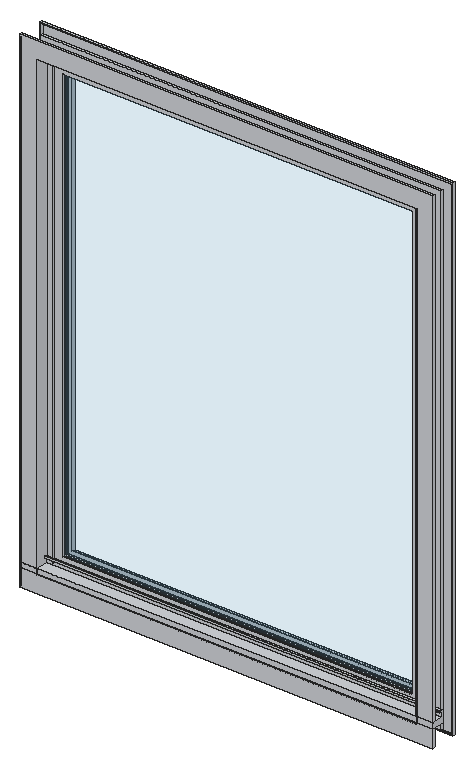
Revit family "MT-ThermAFrame CP FRAMING CA DBL GLZ", category Windows, host Wall, Revit 2017
Family settings
  Host = Wall
  OmniClass Number = 23.30.20.00
  OmniClass Title = Windows
  Always vertical = Yes
  Cut with Voids When Loaded = No
  Shared = No
  Room Calculation Point = No
Parameters (values of type "101.6mm CP FRAMING")
  YEAR = "2019"  # constant formula
  Width = 1500 mm
  WARNING = if(or((PANEL HEIGHT > MAX PANEL HEIGHT), (PANEL WIDTH > MAX PANEL WIDTH)), 1 = 1, 0 = 1)  # no
  VERSION = "2.1"  # constant formula
  URL = "WWW.ALSPEC.COM.AU"
  101.6mm CP FRAMING = yes
  TOLERANCE = 50 mm  # constant formula
  SINGLE GLAZED THICKNESS = 5 mm
  Rough Width = if(Width > MAX WIDTH, (MAX WIDTH + (TOLERANCE * 2)), (Width + (TOLERANCE * 2)))  # 1600 mm
  Rough Height = if(Height > (MAX HEIGHT), (MAX HEIGHT + TOLERANCE * 2), (Height + TOLERANCE * 2))  # 1900 mm
  PANEL WIDTH = OVERALL FRAME WIDTH - 50 mm * 2  # 1400 mm
  PANEL HEIGHT = OVERALL FRAME HEIGHT - 50 mm * 2  # 1700 mm
  OVERALL FRAME WIDTH = if(Width > MAX WIDTH, MAX WIDTH, Width)  # 1500 mm
  OVERALL FRAME HEIGHT = if(Height > MAX HEIGHT, MAX HEIGHT, Height)  # 1800 mm
  OFFSET = 10 mm
  Model = "HAWKESBURY TOP HUNG COMMERCIAL SLIDING DOOR "  # constant formula
  Manufacturer = "ALSPEC"
  MAX WIDTH = 1500 mm  # constant formula
  MAX PANEL WIDTH = 1500 mm  # constant formula
  MAX PANEL HEIGHT = 2000 mm  # constant formula
  MAX HEIGHT = 2000 mm  # constant formula
  Height = 1800 mm
  GLAZED MATERIAL = Glass
  FRAME THICKNESS = 101.6 mm
  FRAME MATERIAL = none
  Default Sill Height = 900 mm
  Wall Closure = By host
  DOUBLE GLAZED THICKNESS = 25 mm
  CREATOR = "SCOTT ISOUARD"  # constant formula
  COMPANY = "ARCHVIS"  # constant formula
  BOT PANEL POSITION = 50 mm  # constant formula
  150mm CP FRAMING = not([101.6mm CP FRAMING])  # no
  ANZRC COMPLIANT = "YES"  # constant formula
  AIR POCKET = 13 mm
Types (2, lengths in mm): name | 101.6mm CP FRAMING | 150mm CP FRAMING
  ASW100 MITRED ADAPTOR | no | yes
  101.6mm CP FRAMING | yes | no
Reference planes
  plane 1 "Center (Front/Back)": y = 0
  plane 2 "Center (Left/Right)": x = 0
  plane 3 "Left": x = -800
  plane 4 "Right": x = 800
  plane 5 "Sill": z = 900
  plane 6 "Head": z = 2800
  plane 7 "Exterior": y = 100
  plane 8 "Interior": y = -100
  plane 9: x = -750
  plane 10: x = 750
  plane 11: y = 90
  plane 12: z = 950
  plane 13: z = 1000
  plane 14: y = -11.6
  plane 15 "FRAME CENTRE": y = 42
  plane 16: y = 63.3
  plane 17: x = -700
  plane 18: x = -705
  plane 19: x = 700
  plane 20: x = 705
  plane 21: z = 2750
  plane 22: x = -659.5
  plane 23: x = 659.5
  plane 24: z = 1875
Forms (mm)
  Sweep 1, solid, material <- "FRAME MATERIAL", visible <- "101.6mm CP FRAMING"
    path origin (-2077.482, 63.3, 1000) x (-1, 0, 0) y (0, 0, 1)
      loop
        line (-2827.482, 1750) -> (-2827.482, -50) -> (-1327.482, -50) -> (-1327.482, 1750) -> (-2827.482, 1750)
    profile "TW_101.6mm FRAME : 101.6mm FRAME" origin (0, 63.3, 2750) x (0, 0, 1) y (0, 1, 0)
      loop
        line (0, -80.93) -> (0, -72.182) -> (-3, -72.182) -> (-3, -79.13) -> (-58.2, -79.13) -> (-58.2, -55.03) -> (-23, -55.03) -> (-23, -47.13) -> (-58.1, -47.13) -> (-58.1, -31.239) -> (-45.602, -31.239) -> (-45.602, -13.13) -> (-23, -13.13) -> (-23, -5.23) -> (-58.2, -5.23) -> (-58.2, 18.87) -> (-3, 18.87) -> (-3, 11.922) -> (0, 11.922) -> (0, 20.67) -> (-60, 20.67) -> (-60, -31.93) -> (-64.9, -31.93) -> (-64.9, -29.93) -> (-66.1, -29.93) -> (-66.1, -31.93) -> (-82.5, -31.93) -> (-82.5, -34.43) -> (-60, -34.43) -> (-60, -80.93) -> (0, -80.93)
  Sweep 2, solid, material <- "FRAME MATERIAL", visible <- "101.6mm CP FRAMING"
    path origin (-2077.482, 63.3, 1000) x (-1, 0, 0) y (0, 0, 1)
      loop
        line (-1327.482, -50) -> (-2827.482, -50)
    profile "ASW43 : PT24" origin (0, 63.3, 950) x (0, 0, -1) y (0, 1, 0)
      loop
        line (-63, -80.93) -> (-63, -34.43) -> (-103.4, -34.43) -> (-103.4, -46.43) -> (-107.65, -46.43)
        arc (-107.65, -46.43) -> (-108.4, -47.18) -> (-107.65, -47.93) r 0.75
        line (-107.65, -47.93) -> (-101.9, -47.93) -> (-101.9, -35.93) -> (-81.5, -35.93) -> (-81.5, -80.93) -> (-63, -80.93)
  Sweep 3, solid, material <- "FRAME MATERIAL", visible <- "150mm CP FRAMING"
    path origin (-2077.482, 63.3, 1000) x (-1, 0, 0) y (0, 0, 1)
      loop
        line (-2827.482, 1750) -> (-2827.482, -50) -> (-1327.482, -50) -> (-1327.482, 1750) -> (-2827.482, 1750)
    profile "TW_150mm FRAME : 150mm FRAME" origin (0, 63.3, 2750) x (0, 0, 1) y (0, 1, 0)
      loop
        line (0, -129.328) -> (0, -120.58) -> (-3, -120.58) -> (-3, -127.528) -> (-58.2, -127.528) -> (-58.2, -108.179) -> (-52.65, -108.179) -> (-52.65, -100.479) -> (-58.2, -100.479) -> (-58.2, -79.229) -> (-23, -79.229) -> (-23, -71.329) -> (-60.503, -71.329) -> (-60.503, -37.329) -> (-23, -37.329) -> (-23, -29.429) -> (-58.2, -29.429) -> (-58.2, -8.179) -> (-52.65, -8.179) -> (-52.65, -0.479) -> (-58.2, -0.479) -> (-58.2, 18.87) -> (-3, 18.87) -> (-3, 11.922) -> (0, 11.922) -> (0, 20.67) -> (-60, 20.67) -> (-60, -26.829) -> (-62.303, -26.829) -> (-62.303, -31.932) -> (-82.503, -31.932) -> (-82.503, -34.432) -> (-62.303, -34.432) -> (-62.303, -81.833) -> (-60, -81.833) -> (-60, -129.328) -> (0, -129.328)
  Sweep 4, solid, material <- "FRAME MATERIAL", visible <- "150mm CP FRAMING"
    path origin (-2077.482, 63.3, 1000) x (-1, 0, 0) y (0, 0, 1)
      loop
        line (-1327.482, -50) -> (-2827.482, -50)
    profile "ASW43 : PT24" origin (0, 63.3, 950) x (0, 0, -1) y (0, 1, 0)
      loop
        line (-65.3, -80.93) -> (-65.3, -34.43) -> (-105.7, -34.43) -> (-105.7, -46.43) -> (-109.95, -46.43)
        arc (-109.95, -46.43) -> (-110.7, -47.18) -> (-109.95, -47.93) r 0.75
        line (-109.95, -47.93) -> (-104.2, -47.93) -> (-104.2, -35.93) -> (-83.8, -35.93) -> (-83.8, -80.93) -> (-65.3, -80.93)
Lines and regions (mm)
  Opening 1
    outline origin (3500, -100, 0) x (1, 0, 0) y (0, 0, 1)
      loop
        line (-2700, 900) -> (-2700, 2800) -> (-4300, 2800) -> (-4300, 900) -> (-2700, 900)
  symbolic lines
    curve 1: line (750, 90, 2750) -> (-750, 90, 1875)
    curve 2: line (-750, 90, 1875) -> (750, 90, 950)
Text (mm)
  text "EXTERIOR" at (-1963.203, 1332.353, 0), in view "Ref. Level"
  text "INTERIOR" at (-1981.466, -818.386, 0), in view "Ref. Level"
  text "Exterior" at (0, 923.751, 2943.296), in view "Right"
  text "Exterior" at (0, 1040.484, 2685.409), in view "Left"
Dimensions and locks
  equal spacing: plane 3 "Left", plane 2 "Center (Left/Right)", plane 4 "Right"
  "Rough Width": plane 3 "Left" to plane 4 "Right"
  "Rough Height": plane 5 "Sill" to plane 6 "Head"
  "Default Sill Height": plane 5 "Sill" to level
  locked: plane 7 "Exterior" to host wall at 0
  locked: plane 8 "Interior" to host wall
  "OFFSET": plane 11 to plane 7 "Exterior"
  equal spacing: plane 9, plane 2 "Center (Left/Right)", plane 10
  "OVERALL FRAME WIDTH": plane 9 to plane 10
  "BOT PANEL POSITION": plane 12 to plane 13
  "FRAME THICKNESS": plane 11 to plane 14
  locked: plane 9 to plane 18 at 45
  locked: plane 20 to plane 10 at 45
  locked: plane 18 to plane 17 at 5
  locked: plane 19 to plane 20 at 5
  locked: plane 11 to plane 16 at 26.7
  "OVERALL FRAME HEIGHT": plane 12 to plane 21
  "TOLERANCE": plane 5 "Sill" to plane 12
  locked: plane 17 to plane 22 at 40.5
  locked: plane 23 to plane 19 at 40.5
  equal spacing: plane 13, plane 24, plane 21
  aligned and locked: plane 2 "Center (Left/Right)" to nested 1
  aligned and locked: nested 2 to plane 16
  aligned and locked: plane 13 to nested 2
  aligned and locked: nested 2 to plane 2 "Center (Left/Right)"
  aligned and locked: Sweep 1 sketch curve to plane 21
  aligned and locked: Sweep 1 sketch curve to plane 10
  aligned and locked: plane 12 to Sweep 1 sketch curve
  aligned and locked: plane 9 to Sweep 1 sketch curve
  aligned and locked: nested 3 to plane 12
  aligned and locked: plane 16 to nested 3
  aligned and locked: nested 4 to plane 21
  aligned and locked: nested 4 to plane 16
  aligned and locked: plane 16 to nested 6
  aligned and locked: nested 6 to plane 9
  aligned and locked: nested 5 to plane 10
  aligned and locked: nested 5 to plane 16
  aligned and locked: plane 21 to curve 1
  aligned and locked: curve 2 to Sweep 1
  aligned and locked: plane 10 to Sweep 2 sketch curve
  aligned and locked: plane 9 to Sweep 2 sketch curve
  aligned and locked: plane 3 "Left" to nested 8
  aligned and locked: nested 7 to plane 10
  aligned and locked: plane 16 to nested 8
  aligned and locked: nested 7 to plane 16
  aligned and locked: nested 10 to plane 12
  aligned and locked: plane 16 to nested 10
  aligned and locked: nested 9 to plane 21
  aligned and locked: nested 9 to plane 16
  aligned and locked: curve 2 to Sweep 3
  aligned and locked: plane 9 to curve 2
Automatic sketch dimensions
  Opening 1 sketch curve to plane 3 "Left" = 0 mm
  Opening 1 sketch curve to plane 4 "Right" = 0 mm
  Opening 1 sketch curve to plane 5 "Sill" = 0 mm
  Opening 1 sketch curve to plane 6 "Head" = 0 mm
  Sweep 2 sketch curve to plane 12 = 0 mm
  Sweep 3 sketch curve to plane 10 = 0 mm
  Sweep 3 sketch curve to plane 9 = 0 mm
  Sweep 3 sketch curve to plane 12 = 0 mm
  Sweep 3 sketch curve to plane 21 = 0 mm
  Sweep 4 sketch curve to plane 10 = 0 mm
  Sweep 4 sketch curve to plane 9 = 0 mm
  Sweep 4 sketch curve to plane 12 = 0 mm
  curve 1 to plane 10 = 0 mm
  curve 1 to plane 24 = 0 mm
Nested families
  nested 1: "WARNING TAG" at (0, 625.475, 0), MAX.HEIGHT <- "MAX PANEL HEIGHT", MAX.WIDTH <- "MAX PANEL WIDTH", visible <- "WARNING", type "WARNING TAG"
    with MAX.WIDTH 1500 mm, MAX.HEIGHT 2000 mm
  nested 2: "TW_SLIDING_GLAZED PANEL" at (0, 63.3, 1000), Sash Material <- "FRAME MATERIAL", type "SLIDING_GLAZED PANEL"
    with BULB SEAL yes
  nested 3: "DETAIL_TW_101.6mm" at (0, 63.3, 950) x (0, -1, 0) z (-1, 0, 0), visible <- "101.6mm CP FRAMING", type "FRAME"
    with ASW43 yes
  nested 4: "DETAIL_TW_101.6mm" at (0, 63.3, 2750) x (0, -1, 0) z (-1, 0, 0), visible <- "101.6mm CP FRAMING", type "FRAME"
  nested 5: "DETAIL_TW_101.6mm" at (750, 63.3, 2750) x (0, -1, 0) z (0, 0, 1), visible <- "101.6mm CP FRAMING", type "FRAME"
  nested 6: "DETAIL_TW_101.6mm" at (-750, 63.3, 2750) x (0, -1, 0) z (0, 0, 1), visible <- "101.6mm CP FRAMING", type "FRAME"
  nested 7: "DETAIL_TW_150mm" at (750, 63.3, 2750) x (0, -1, 0) z (0, 0, 1), visible <- "150mm CP FRAMING", type "FRAME"
    with ASW43 no
  nested 8: "DETAIL_TW_150mm" at (-800, 63.3, 2750) x (0, -1, 0) z (0, 0, 1), visible <- "150mm CP FRAMING", type "FRAME"
    with ASW43 no
  nested 9: "DETAIL_TW_150mm" at (0, 63.3, 2750) x (0, -1, 0) z (-1, 0, 0), visible <- "150mm CP FRAMING", type "FRAME"
    with ASW43 no
  nested 10: "DETAIL_TW_150mm" at (0, 63.3, 950) x (0, -1, 0) z (-1, 0, 0), visible <- "150mm CP FRAMING", type "FRAME"
    with ASW43 yes
Definition of nested family "TW_SLIDING_GLAZED PANEL"
  Parameters (values of type "SLIDING_GLAZED PANEL")
    YEAR = "2018"  # constant formula
    VERSION = "2.0"  # constant formula
    TODAYS DATE = "22/11/2018"  # constant formula
    Sash Material [instance] = none
    PANEL WIDTH = 1400 mm
    PANEL HEIGHT = 1700 mm
    JAMP WIDTH = 60 mm  # constant formula
    HEAD_JAMP HEIGHT = 60 mm  # constant formula
    GLAZED WIDTH [instance] = 1304 mm
    GLAZED RAIL MATERIAL = none
    GLAZED MATERIAL = none
    Default Elevation = 1219.2 mm
    DOUBLE GLAZED THICKNESS = 25 mm
    CREATOR = "Scott Isouard"  # constant formula
    COMPANY = "Archvis"  # constant formula
    BULB SEAL [instance] = no
    BOTTOM_JAMP HEIGHT = 60 mm  # constant formula
    Analytic Construction = "<None>"
    ANZRC COMPLIANT = "Yes"  # constant formula
    AIR POCKET = 13 mm
  Reference planes
    plane 1 "Center (Front/Back)": y = 0
    plane 2: z = 0
    plane 3 "Center (Left/Right)": x = 0
    plane 4: x = -700
    plane 5: x = 700
    plane 6: x = -652
    plane 7: x = 652
    plane 8: z = 1700
    plane 9: z = 1640
    plane 10: z = 60
    plane 11: z = 850
    plane 12: x = -640
    plane 13: x = 640
    plane 14: z = 50
    plane 15: z = 1650
    plane 16: y = -27.9
  Forms (mm)
    Extrusion 1, solid, material <- "GLAZED MATERIAL"
      sketch origin (0, 0, 0) x (1, 0, 0) y (0, 1, 0)
        loop
          line (-652, -6.5) -> (-652, -12.5) -> (652, -12.5) -> (652, -6.5) -> (-652, -6.5)
        loop
          line (-652, 12.5) -> (-652, 6.5) -> (652, 6.5) -> (652, 12.5) -> (-652, 12.5)
      from 50 to 1650
    Sweep 2, solid, material <- "Sash Material"
      path origin (0, 0, 0) x (1, 0, 0) y (0, 0, 1)
        loop
          line (-700, 1700) -> (-700, 0) -> (700, 0) -> (700, 1700) -> (-700, 1700)
      profile "TW101_105 MEDIUM_DBL_LOCK STILE : TW101" origin (0, 0, 1700) x (0, 0, 1) y (0, -1, 0)
        loop
          line (-26, 17.1) -> (-23.504, 17.1) -> (-23.504, 27.9) -> (-61.997, 27.9) -> (-61.997, 22.2) -> (-60.397, 22.2) -> (-60.397, 19) -> (-42, 19) -> (-42, -15) -> (-40.8, -15) -> (-40.8, -26.7) -> (-60.2, -26.7) -> (-60.2, -18.6) -> (-50, -18.6) -> (-50, -16.8) -> (-62, -16.8) -> (-62, -28.5) -> (0, -28.5) -> (0, -24.7) -> (-13.2, -24.7) -> (-13.2, -23.7) -> (-14.4, -23.7) -> (-14.4, -26.7) -> (-26, -26.7) -> (-26, 17.1)
  Dimensions and locks
    equal spacing: plane 4, plane 3 "Center (Left/Right)", plane 5
    "PANEL WIDTH": plane 4 to plane 5
    "PANEL HEIGHT": plane 8 to plane 2
    equal spacing: plane 8, plane 11, plane 2
    "JAMP WIDTH": plane 4 to plane 12
    "JAMP WIDTH": plane 13 to plane 5
    "HEAD_JAMP HEIGHT": plane 8 to plane 9
    locked: plane 13 to plane 7 at 12
    "BOTTOM_JAMP HEIGHT": plane 10 to plane 2
    locked: plane 6 to plane 12 at 12
    locked: plane 10 to plane 14 at 10
    locked: plane 15 to plane 9 at 10
    "GLAZED WIDTH": plane 6 to plane 7
    equal spacing: Extrusion 1 sketch curve, plane 1 "Center (Front/Back)", Extrusion 1 sketch curve  (x2)
    "AIR POCKET": Extrusion 1 sketch curve to Extrusion 1 sketch curve
    "DOUBLE GLAZED THICKNESS": Extrusion 1 sketch curve to Extrusion 1 sketch curve
    aligned and locked: level to plane 2
    aligned and locked: plane 6 to Extrusion 1 sketch curve
    aligned and locked: Extrusion 1 sketch curve to plane 7
    aligned and locked: plane 15 to Extrusion 1
    aligned and locked: Extrusion 1 to plane 14
    aligned and locked: Sweep 2 sketch curve to plane 8
    aligned and locked: plane 4 to Sweep 2 sketch curve
    aligned and locked: plane 2 to Sweep 2 sketch curve
    aligned and locked: Sweep 2 sketch curve to plane 5
    aligned and locked: plane 1 "Center (Front/Back)" to nested 1
    aligned and locked: plane 8 to nested 1
    aligned and locked: plane 2 to nested 2
    aligned and locked: nested 2 to plane 1 "Center (Front/Back)"
    aligned and locked: plane 1 "Center (Front/Back)" to nested 4
    aligned and locked: nested 4 to plane 4
    aligned and locked: nested 3 to plane 1 "Center (Front/Back)"
    aligned and locked: nested 3 to plane 5
  Automatic sketch dimensions
    Extrusion 1 sketch curve to plane 6 = 0 mm
    Extrusion 1 sketch curve to plane 7 = 0 mm
  Nested families
    nested 1: "DETAIL_TW_DETAIL 01" at (0, 0, 1700) x (0, 0, -1) z (1, 0, 0), type "DETAIL 01"
      with BULB SEAL yes
    nested 2: "DETAIL_TW_DETAIL 01" at (0, 0, 0) x (0, 0, 1) z (1, 0, 0), type "DETAIL 01"
      with BULB SEAL yes
    nested 3: "DETAIL_TW_DETAIL 01" at (700, 0, 0) x (-1, 0, 0) z (0, 0, 1), type "DETAIL 01"
    nested 4: "DETAIL_TW_DETAIL 01" at (-700, 0, 0), type "DETAIL 01"
  Definition of nested family "DETAIL_TW_DETAIL 01"
    Parameters (values of type "DETAIL 01")
      BULB SEAL [instance] = no
    Reference planes
      plane 1 "Center (Front/Back)": y = 0
      plane 2: z = 0
      plane 3 "Center (Left/Right)": x = 0
    Lines and regions (mm)
      Masking region 1, in view "Ref. Level", detail levels coarse
        outline origin (0, -9.5, 0) x (1, 0, 0) y (0, 1, 0)
          loop
            line (61.997, 37.4) -> (13.5, 37.4) -> (13.5, -14.2) -> (0, -14.2) -> (0, -19) -> (61.997, -19) -> (61.997, -7.3) -> (50, -7.3) -> (50, 28.5) -> (61.997, 28.5) -> (61.997, 37.4)
      Masking region 2, in view "Ref. Level", detail levels fine
        outline origin (0, 0, 0) x (1, 0, 0) y (0, 1, 0)
          loop
            line (42, 1.1) -> (42, 17.1) -> (26, 17.1) -> (26, 1.1) -> (42, 1.1)
      detail lines, in view "Ref. Level", detail levels medium
        curve 1: line (26, 17.1, 0) -> (26, -26.7, 0)
        curve 2: line (14.4, -26.7, 0) -> (26, -26.7, 0)
        curve 3: line (14.4, -23.7, 0) -> (14.4, -26.7, 0)
        curve 4: line (13.2, -23.7, 0) -> (14.4, -23.7, 0)
        curve 5: line (13.2, -24.7, 0) -> (13.2, -23.7, 0)
        curve 6: line (0, -24.7, 0) -> (13.2, -24.7, 0)
        curve 7: line (0, -24.7, 0) -> (0, -28.5, 0)
        curve 8: line (62, -28.5, 0) -> (0, -28.5, 0)
        curve 9: line (62, -16.8, 0) -> (62, -28.5, 0)
        curve 10: line (50, -16.8, 0) -> (62, -16.8, 0)
        curve 11: line (50, -18.6, 0) -> (50, -16.8, 0)
        curve 12: line (60.2, -18.6, 0) -> (50, -18.6, 0)
        curve 13: line (60.2, -26.7, 0) -> (60.2, -18.6, 0)
        curve 14: line (40.8, -26.7, 0) -> (60.2, -26.7, 0)
        curve 15: line (40.8, -15, 0) -> (40.8, -26.7, 0)
        curve 16: line (42, 19, 0) -> (42, -15, 0)
        curve 17: line (40.8, -15, 0) -> (42, -15, 0)
        curve 18: line (23.504, 27.9, 0) -> (61.997, 27.9, 0)
        curve 19: line (23.504, 17.1, 0) -> (23.504, 27.9, 0)
        curve 20: line (26, 17.1, 0) -> (23.504, 17.1, 0)
        curve 21: line (61.997, 27.9, 0) -> (61.997, 22.2, 0)
        curve 22: line (42, 19, 0) -> (60.397, 19, 0)
        curve 23: line (60.397, 19, 0) -> (60.397, 22.2, 0)
        curve 24: line (60.397, 22.2, 0) -> (61.997, 22.2, 0)
      detail lines, in view "Ref. Level", not visible, detail levels medium
        curve 25: line (26, 26.6, 0) -> (26, -17.2, 0)
        curve 26: line (14.4, -17.2, 0) -> (26, -17.2, 0)
        curve 27: line (14.4, -14.2, 0) -> (14.4, -17.2, 0)
        curve 28: line (13.2, -14.2, 0) -> (14.4, -14.2, 0)
        curve 29: line (13.2, -15.2, 0) -> (13.2, -14.2, 0)
        curve 30: line (0, -15.2, 0) -> (13.2, -15.2, 0)
        curve 31: line (0, -15.2, 0) -> (0, -19, 0)
        curve 32: line (62, -19, 0) -> (0, -19, 0)
        curve 33: line (62, -7.3, 0) -> (62, -19, 0)
        curve 34: line (50, -7.3, 0) -> (62, -7.3, 0)
        curve 35: line (50, -9.1, 0) -> (50, -7.3, 0)
        curve 36: line (60.2, -9.1, 0) -> (50, -9.1, 0)
        curve 37: line (60.2, -17.2, 0) -> (60.2, -9.1, 0)
        curve 38: line (40.8, -17.2, 0) -> (60.2, -17.2, 0)
        curve 39: line (40.8, -5.5, 0) -> (40.8, -17.2, 0)
        curve 40: line (42, 28.5, 0) -> (42, -5.5, 0)
        curve 41: line (40.8, -5.5, 0) -> (42, -5.5, 0)
        curve 42: line (23.504, 37.4, 0) -> (61.997, 37.4, 0)
        curve 43: line (23.504, 26.6, 0) -> (23.504, 37.4, 0)
        curve 44: line (26, 26.6, 0) -> (23.504, 26.6, 0)
        curve 45: line (61.997, 37.4, 0) -> (61.997, 31.7, 0)
        curve 46: line (42, 28.5, 0) -> (60.397, 28.5, 0)
        curve 47: line (60.397, 28.5, 0) -> (60.397, 31.7, 0)
        curve 48: line (60.397, 31.7, 0) -> (61.997, 31.7, 0)
Definition of nested family "WARNING TAG"
  Parameters (values of type "WARNING TAG")
    MAX.WIDTH [instance] = 0 mm
    MAX.HEIGHT [instance] = 0 mm
  Reference planes
    plane 1: y = 0
    plane 2: x = 0
  Lines and regions (mm)
    detail lines
      curve 1: line (-28.489, 9.808, 0) -> (29.081, 9.808, 0)
      curve 2: line (-28.489, -1.13, 0) -> (-28.489, 9.808, 0)
      curve 3: line (29.081, -1.13, 0) -> (-28.489, -1.13, 0)
      curve 4: line (29.081, 9.808, 0) -> (29.081, -1.13, 0)
  Text (mm)
    label "Max.Width: 1200 mm" at (-3.208, 1.264, 0), shows "MAX.WIDTH"
    label "Max.Height: 1190 mm" at (3.026, 1.264, 0), shows "MAX.HEIGHT"
    text "x" at (0.137, 2.462, 0)
    text "Maximum Recommended Panel Sizes:" at (0.137, 8.414, 0)
Definition of nested family "DETAIL_TW_101.6mm"
  Parameters (values of type "FRAME")
    ASW43 [instance] = no
  Reference planes
    plane 1 "Center (Front/Back)": y = 0
    plane 2: z = 0
    plane 3 "Center (Left/Right)": x = 0
  Lines and regions (mm)
    Masking region 1, in view "Ref. Level", detail levels coarse
      outline origin (0, 0, 0) x (1, 0, 0) y (0, 1, 0)
        loop
          line (-20.67, -60) -> (80.93, -60) -> (80.93, 0) -> (-20.67, 0) -> (-20.67, -60)
    detail lines, in view "Ref. Level", detail levels medium
      curve 1: line (80.93, 0, 0) -> (72.182, 0, 0)
      curve 2: line (80.93, -60, 0) -> (80.93, 0, 0)
      curve 3: line (-20.67, -60, 0) -> (31.93, -60, 0)
      curve 4: line (-20.67, 0, 0) -> (-20.67, -60, 0)
      curve 5: line (31.93, -82.5, 0) -> (31.93, -66.1, 0)
      curve 6: line (34.43, -82.5, 0) -> (31.93, -82.5, 0)
      curve 7: line (34.43, -60, 0) -> (34.43, -82.5, 0)
      curve 8: line (34.43, -60, 0) -> (80.93, -60, 0)
      curve 9: line (29.93, -64.9, 0) -> (31.93, -64.9, 0)
      curve 10: line (29.93, -66.1, 0) -> (29.93, -64.9, 0)
      curve 11: line (31.93, -66.1, 0) -> (29.93, -66.1, 0)
      curve 12: line (31.93, -64.9, 0) -> (31.93, -60, 0)
      curve 13: line (13.13, -45.602, 0) -> (31.239, -45.602, 0)
      curve 14: line (31.239, -45.602, 0) -> (31.239, -58.1, 0)
      curve 15: line (31.239, -58.1, 0) -> (47.13, -58.1, 0)
      curve 16: line (13.13, -23, 0) -> (13.13, -45.602, 0)
      curve 17: line (5.23, -58.2, 0) -> (5.23, -23, 0)
      curve 18: line (-18.87, -58.2, 0) -> (5.23, -58.2, 0)
      curve 19: line (-18.87, -3, 0) -> (-18.87, -58.2, 0)
      curve 20: line (-11.922, -3, 0) -> (-18.87, -3, 0)
      curve 21: line (-11.922, -3, 0) -> (-11.922, 0, 0)
      curve 22: line (72.182, -3, 0) -> (72.182, 0, 0)
      curve 23: line (-11.922, 0, 0) -> (-20.67, 0, 0)
      curve 24: line (5.23, -23, 0) -> (13.13, -23, 0)
      curve 25: line (47.13, -23, 0) -> (47.13, -58.1, 0)
      curve 26: line (55.03, -23, 0) -> (47.13, -23, 0)
      curve 27: line (55.03, -58.2, 0) -> (55.03, -23, 0)
      curve 28: line (79.13, -58.2, 0) -> (55.03, -58.2, 0)
      curve 29: line (79.13, -3, 0) -> (79.13, -58.2, 0)
      curve 30: line (72.182, -3, 0) -> (79.13, -3, 0)
    detail lines, in view "Ref. Level", not visible, detail levels medium
      curve 31: line (80.93, 0, 0) -> (72.182, 0, 0)
      curve 32: line (80.93, -60, 0) -> (80.93, 0, 0)
      curve 33: line (-20.67, -60, 0) -> (31.93, -60, 0)
      curve 34: line (-20.67, 0, 0) -> (-20.67, -60, 0)
      curve 35: line (31.93, -82.5, 0) -> (31.93, -66.1, 0)
      curve 36: line (34.43, -82.5, 0) -> (31.93, -82.5, 0)
      curve 37: line (34.43, -60, 0) -> (34.43, -82.5, 0)
      curve 38: line (34.43, -60, 0) -> (80.93, -60, 0)
      curve 39: line (29.93, -64.9, 0) -> (31.93, -64.9, 0)
      curve 40: line (29.93, -66.1, 0) -> (29.93, -64.9, 0)
      curve 41: line (31.93, -66.1, 0) -> (29.93, -66.1, 0)
      curve 42: line (31.93, -64.9, 0) -> (31.93, -60, 0)
      curve 43: line (13.13, -45.602, 0) -> (31.239, -45.602, 0)
      curve 44: line (31.239, -45.602, 0) -> (31.239, -58.1, 0)
      curve 45: line (31.239, -58.1, 0) -> (47.13, -58.1, 0)
      curve 46: line (13.13, -23, 0) -> (13.13, -45.602, 0)
      curve 47: line (5.23, -58.2, 0) -> (5.23, -23, 0)
      curve 48: line (-18.87, -58.2, 0) -> (5.23, -58.2, 0)
      curve 49: line (-18.87, -3, 0) -> (-18.87, -58.2, 0)
      curve 50: line (-11.922, -3, 0) -> (-18.87, -3, 0)
      curve 51: line (-11.922, -3, 0) -> (-11.922, 0, 0)
      curve 52: line (72.182, -3, 0) -> (72.182, 0, 0)
      curve 53: line (-11.922, 0, 0) -> (-20.67, 0, 0)
      curve 54: line (5.23, -23, 0) -> (13.13, -23, 0)
      curve 55: line (47.13, -23, 0) -> (47.13, -58.1, 0)
      curve 56: line (55.03, -23, 0) -> (47.13, -23, 0)
      curve 57: line (55.03, -58.2, 0) -> (55.03, -23, 0)
      curve 58: line (79.13, -58.2, 0) -> (55.03, -58.2, 0)
      curve 59: line (79.13, -3, 0) -> (79.13, -58.2, 0)
      curve 60: line (72.182, -3, 0) -> (79.13, -3, 0)
    detail lines, in view "Ref. Level", visible <- "ASW43", detail levels coarse+medium
      curve 61: line (80.93, -63, 0) -> (34.43, -63, 0)
      curve 62: line (80.93, -81.5, 0) -> (80.93, -63, 0)
      curve 63: line (35.93, -81.5, 0) -> (80.93, -81.5, 0)
      curve 64: line (35.93, -101.9, 0) -> (35.93, -81.5, 0)
      curve 65: line (47.93, -101.9, 0) -> (35.93, -101.9, 0)
      curve 66: line (47.93, -107.65, 0) -> (47.93, -101.9, 0)
      curve 67: arc (46.43, -107.65, 0) -> (47.18, -108.4, 0) -> (47.93, -107.65, 0) r 0.75
      curve 68: line (46.43, -103.4, 0) -> (46.43, -107.65, 0)
      curve 69: line (34.43, -103.4, 0) -> (46.43, -103.4, 0)
      curve 70: line (34.43, -63, 0) -> (34.43, -103.4, 0)
    detail lines, in view "Ref. Level", visible <- "ASW43", not visible, detail levels coarse+medium
      curve 71: line (80.93, -63, 0) -> (34.43, -63, 0)
      curve 72: line (80.93, -81.5, 0) -> (80.93, -63, 0)
      curve 73: line (35.93, -81.5, 0) -> (80.93, -81.5, 0)
      curve 74: line (35.93, -101.9, 0) -> (35.93, -81.5, 0)
      curve 75: line (47.93, -101.9, 0) -> (35.93, -101.9, 0)
      curve 76: line (47.93, -107.65, 0) -> (47.93, -101.9, 0)
      curve 77: arc (46.43, -107.65, 0) -> (47.18, -108.4, 0) -> (47.93, -107.65, 0) r 0.75
      curve 78: line (46.43, -103.4, 0) -> (46.43, -107.65, 0)
      curve 79: line (34.43, -103.4, 0) -> (46.43, -103.4, 0)
      curve 80: line (34.43, -63, 0) -> (34.43, -103.4, 0)
Definition of nested family "DETAIL_TW_150mm"
  Parameters (values of type "FRAME")
    ASW43 [instance] = no
  Reference planes
    plane 1 "Center (Front/Back)": y = 0
    plane 2: z = 0
    plane 3 "Center (Left/Right)": x = 0
  Lines and regions (mm)
    Masking region 1, in view "Ref. Level", detail levels coarse
      outline origin (0, 0, 0) x (1, 0, 0) y (0, 1, 0)
        loop
          line (129.328, -60) -> (129.328, 0) -> (-20.67, 0) -> (-20.67, -60) -> (26.829, -60) -> (26.829, -62.303) -> (81.833, -62.303) -> (81.833, -60) -> (129.328, -60)
    detail lines, in view "Ref. Level", not visible, detail levels medium
      curve 1: line (80.93, 0, 0) -> (72.182, 0, 0)
      curve 2: line (80.93, -60, 0) -> (80.93, 0, 0)
      curve 3: line (-20.67, -60, 0) -> (31.93, -60, 0)
      curve 4: line (-20.67, 0, 0) -> (-20.67, -60, 0)
      curve 5: line (31.93, -82.5, 0) -> (31.93, -66.1, 0)
      curve 6: line (34.43, -82.5, 0) -> (31.93, -82.5, 0)
      curve 7: line (34.43, -60, 0) -> (34.43, -82.5, 0)
      curve 8: line (34.43, -60, 0) -> (80.93, -60, 0)
      curve 9: line (29.93, -64.9, 0) -> (31.93, -64.9, 0)
      curve 10: line (29.93, -66.1, 0) -> (29.93, -64.9, 0)
      curve 11: line (31.93, -66.1, 0) -> (29.93, -66.1, 0)
      curve 12: line (31.93, -64.9, 0) -> (31.93, -60, 0)
      curve 13: line (13.13, -45.602, 0) -> (31.239, -45.602, 0)
      curve 14: line (31.239, -45.602, 0) -> (31.239, -58.1, 0)
      curve 15: line (31.239, -58.1, 0) -> (47.13, -58.1, 0)
      curve 16: line (13.13, -23, 0) -> (13.13, -45.602, 0)
      curve 17: line (5.23, -58.2, 0) -> (5.23, -23, 0)
      curve 18: line (-18.87, -58.2, 0) -> (5.23, -58.2, 0)
      curve 19: line (-18.87, -3, 0) -> (-18.87, -58.2, 0)
      curve 20: line (-11.922, -3, 0) -> (-18.87, -3, 0)
      curve 21: line (-11.922, -3, 0) -> (-11.922, 0, 0)
      curve 22: line (72.182, -3, 0) -> (72.182, 0, 0)
      curve 23: line (-11.922, 0, 0) -> (-20.67, 0, 0)
      curve 24: line (5.23, -23, 0) -> (13.13, -23, 0)
      curve 25: line (47.13, -23, 0) -> (47.13, -58.1, 0)
      curve 26: line (55.03, -23, 0) -> (47.13, -23, 0)
      curve 27: line (55.03, -58.2, 0) -> (55.03, -23, 0)
      curve 28: line (79.13, -58.2, 0) -> (55.03, -58.2, 0)
      curve 29: line (79.13, -3, 0) -> (79.13, -58.2, 0)
      curve 30: line (72.182, -3, 0) -> (79.13, -3, 0)
      curve 87: line (129.328, 0, 0) -> (120.58, 0, 0)
      curve 88: line (129.328, -60, 0) -> (129.328, 0, 0)
      curve 89: line (-20.67, -60, 0) -> (26.829, -60, 0)
      curve 90: line (-20.67, 0, 0) -> (-20.67, -60, 0)
      curve 91: line (81.833, -60, 0) -> (129.328, -60, 0)
      curve 92: line (-18.87, -58.2, 0) -> (0.479, -58.2, 0)
      curve 93: line (-18.87, -3, 0) -> (-18.87, -58.2, 0)
      curve 94: line (-11.922, -3, 0) -> (-18.87, -3, 0)
      curve 95: line (-11.922, -3, 0) -> (-11.922, 0, 0)
      curve 96: line (120.58, -3, 0) -> (120.58, 0, 0)
      curve 97: line (-11.922, 0, 0) -> (-20.67, 0, 0)
      curve 98: line (127.528, -58.2, 0) -> (108.179, -58.2, 0)
      curve 99: line (127.528, -3, 0) -> (127.528, -58.2, 0)
      curve 100: line (120.58, -3, 0) -> (127.528, -3, 0)
      curve 101: line (26.829, -60, 0) -> (26.829, -62.303, 0)
      curve 102: line (31.932, -62.303, 0) -> (26.829, -62.303, 0)
      curve 103: line (81.833, -62.303, 0) -> (34.432, -62.303, 0)
      curve 104: line (31.932, -82.503, 0) -> (31.932, -62.303, 0)
      curve 105: line (34.432, -62.303, 0) -> (34.432, -82.503, 0)
      curve 106: line (34.432, -82.503, 0) -> (31.932, -82.503, 0)
      curve 107: line (81.833, -60, 0) -> (81.833, -62.303, 0)
      curve 108: line (29.429, -23, 0) -> (29.429, -58.2, 0)
      curve 109: line (37.329, -60.503, 0) -> (37.329, -23, 0)
      curve 110: line (37.329, -23, 0) -> (29.429, -23, 0)
      curve 111: line (79.229, -23, 0) -> (79.229, -58.2, 0)
      curve 112: line (71.329, -23, 0) -> (79.229, -23, 0)
      curve 113: line (71.329, -60.503, 0) -> (71.329, -23, 0)
      curve 114: line (37.329, -60.503, 0) -> (71.329, -60.503, 0)
      curve 115: line (8.179, -58.2, 0) -> (8.179, -52.65, 0)
      curve 116: line (0.479, -52.65, 0) -> (0.479, -58.2, 0)
      curve 117: line (100.479, -58.2, 0) -> (100.479, -52.65, 0)
      curve 118: line (108.179, -52.65, 0) -> (108.179, -58.2, 0)
      curve 119: line (0.479, -52.65, 0) -> (8.179, -52.65, 0)
      curve 120: line (100.479, -52.65, 0) -> (108.179, -52.65, 0)
      curve 121: line (8.179, -58.2, 0) -> (29.429, -58.2, 0)
      curve 122: line (100.479, -58.2, 0) -> (79.229, -58.2, 0)
    detail lines, in view "Ref. Level", visible <- "ASW43", detail levels coarse+medium
      curve 31: line (80.93, -65.3, 0) -> (34.43, -65.3, 0)
      curve 32: line (80.93, -83.8, 0) -> (80.93, -65.3, 0)
      curve 33: line (35.93, -83.8, 0) -> (80.93, -83.8, 0)
      curve 34: line (35.93, -104.2, 0) -> (35.93, -83.8, 0)
      curve 35: line (47.93, -104.2, 0) -> (35.93, -104.2, 0)
      curve 36: line (47.93, -109.95, 0) -> (47.93, -104.2, 0)
      curve 37: arc (46.43, -109.95, 0) -> (47.18, -110.7, 0) -> (47.93, -109.95, 0) r 0.75
      curve 38: line (46.43, -105.7, 0) -> (46.43, -109.95, 0)
      curve 39: line (34.43, -105.7, 0) -> (46.43, -105.7, 0)
      curve 40: line (34.43, -65.3, 0) -> (34.43, -105.7, 0)
    detail lines, in view "Ref. Level", visible <- "ASW43", not visible, detail levels coarse+medium
      curve 41: line (80.93, -63, 0) -> (34.43, -63, 0)
      curve 42: line (80.93, -81.5, 0) -> (80.93, -63, 0)
      curve 43: line (35.93, -81.5, 0) -> (80.93, -81.5, 0)
      curve 44: line (35.93, -101.9, 0) -> (35.93, -81.5, 0)
      curve 45: line (47.93, -101.9, 0) -> (35.93, -101.9, 0)
      curve 46: line (47.93, -107.65, 0) -> (47.93, -101.9, 0)
      curve 47: arc (46.43, -107.65, 0) -> (47.18, -108.4, 0) -> (47.93, -107.65, 0) r 0.75
      curve 48: line (46.43, -103.4, 0) -> (46.43, -107.65, 0)
      curve 49: line (34.43, -103.4, 0) -> (46.43, -103.4, 0)
      curve 50: line (34.43, -63, 0) -> (34.43, -103.4, 0)
    detail lines, in view "Ref. Level", detail levels medium
      curve 51: line (129.328, 0, 0) -> (120.58, 0, 0)
      curve 52: line (129.328, -60, 0) -> (129.328, 0, 0)
      curve 53: line (-20.67, -60, 0) -> (26.829, -60, 0)
      curve 54: line (-20.67, 0, 0) -> (-20.67, -60, 0)
      curve 55: line (81.833, -60, 0) -> (129.328, -60, 0)
      curve 56: line (-18.87, -58.2, 0) -> (0.479, -58.2, 0)
      curve 57: line (-18.87, -3, 0) -> (-18.87, -58.2, 0)
      curve 58: line (-11.922, -3, 0) -> (-18.87, -3, 0)
      curve 59: line (-11.922, -3, 0) -> (-11.922, 0, 0)
      curve 60: line (120.58, -3, 0) -> (120.58, 0, 0)
      curve 61: line (-11.922, 0, 0) -> (-20.67, 0, 0)
      curve 62: line (127.528, -58.2, 0) -> (108.179, -58.2, 0)
      curve 63: line (127.528, -3, 0) -> (127.528, -58.2, 0)
      curve 64: line (120.58, -3, 0) -> (127.528, -3, 0)
      curve 65: line (26.829, -60, 0) -> (26.829, -62.303, 0)
      curve 66: line (31.932, -62.303, 0) -> (26.829, -62.303, 0)
      curve 67: line (81.833, -62.303, 0) -> (34.432, -62.303, 0)
      curve 68: line (31.932, -82.503, 0) -> (31.932, -62.303, 0)
      curve 69: line (34.432, -62.303, 0) -> (34.432, -82.503, 0)
      curve 70: line (34.432, -82.503, 0) -> (31.932, -82.503, 0)
      curve 71: line (81.833, -60, 0) -> (81.833, -62.303, 0)
      curve 72: line (29.429, -23, 0) -> (29.429, -58.2, 0)
      curve 73: line (37.329, -60.503, 0) -> (37.329, -23, 0)
      curve 74: line (37.329, -23, 0) -> (29.429, -23, 0)
      curve 75: line (79.229, -23, 0) -> (79.229, -58.2, 0)
      curve 76: line (71.329, -23, 0) -> (79.229, -23, 0)
      curve 77: line (71.329, -60.503, 0) -> (71.329, -23, 0)
      curve 78: line (37.329, -60.503, 0) -> (71.329, -60.503, 0)
      curve 79: line (8.179, -58.2, 0) -> (8.179, -52.65, 0)
      curve 80: line (0.479, -52.65, 0) -> (0.479, -58.2, 0)
      curve 81: line (100.479, -58.2, 0) -> (100.479, -52.65, 0)
      curve 82: line (108.179, -52.65, 0) -> (108.179, -58.2, 0)
      curve 83: line (0.479, -52.65, 0) -> (8.179, -52.65, 0)
      curve 84: line (100.479, -52.65, 0) -> (108.179, -52.65, 0)
      curve 85: line (8.179, -58.2, 0) -> (29.429, -58.2, 0)
      curve 86: line (100.479, -58.2, 0) -> (79.229, -58.2, 0)
